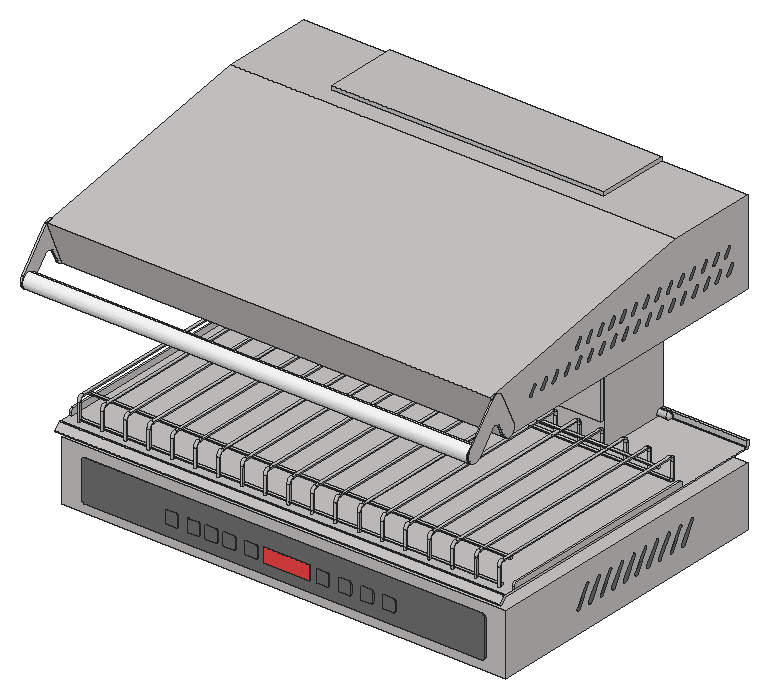
Revit family "QF_GIORIK_ST40", category Specialty Equipment, Revit 2014
Parameters (values of type "ST40")
  Weight in Pounds = 176.3696
  Watts = 6000 W
  Volts = 400 V
  URL Cutsheet = "www.giorik.com"
  URL = "www.giorik.com"
  Status [instance] = ""
  Specification by User [instance] = ""
  Specification by Manufacturer = ""
  Show Logo [instance] = yes
  Show Clearance [instance] = yes
  Serial Number = ""
  Seismic Rating = ""
  SMACNA No = ""
  Revision Code [instance] = ""
  Phase = 3
  Number of Poles [instance] = 3
  NAFEM Spec ID Number = ""
  Model = "ST40"
  Min Ckt Ampacity = 0 A
  Max Overcurrent Protection = 0 A
  Masterspec = ""
  Manufacturer = "GIORIK"
  Item Number [instance] = ""
  Installed By [instance] = ""
  Identify Quantity as Lot [instance] = no
  HP = "8.046120000000"
  Furnished By [instance] = ""
  Foodservice Equipment Identifier [instance] = yes
  FL Amps = 0 A
  Electrical Remarks [instance] = ""
  Electric Connection Type [instance] = ""
  Elec Conn RI Height [instance] = 0 mm
  Elec Conn Connection Height [instance] = 39 mm
  Description = "FAST SALAMANDERS HI-TOUCH"
  Cycle = 50 Hz
  Conn Plug = ""
  CSI MasterFormat = ""
  Assembly Code = "E1090320"
  Apparent Power = 6000 VA
Reference planes
  plane 1 "Back": y = 0
  plane 2: z = 0
  plane 3 "Left": x = 0
  plane 4 "Right": x = 735
  plane 5 "Front": y = -581
  plane 6 "Top": z = 519
Forms (mm)
  Extrusion 1, solid
    sketch origin (0, 0, 0) x (0, 1, 0) y (0, 0, 1)
      loop
        line (0, 116) -> (-500, 116) -> (-500, 16) -> (0, 16) -> (0, 116)
    from 0 to 735
  Extrusion 2, solid
    sketch origin (0, 0, 0) x (0, 1, 0) y (0, 0, 1)
      loop
        line (-510.879, 128.424) -> (-501.718, 137.409) -> (-3, 137.409)
        arc (-3, 137.409) -> (-0.879, 138.288) -> (0, 140.409) r 3
        line (0, 140.409) -> (0, 150.409) -> (-3, 150.409) -> (-3, 141.409)
        arc (-3, 141.409) -> (-3.293, 140.702) -> (-4, 140.409) r 1
        line (-4, 140.409) -> (-501.718, 140.409)
        arc (-501.718, 140.409) -> (-502.852, 140.186) -> (-503.818, 139.551) r 3
        line (-503.818, 139.551) -> (-513, 130.545) -> (-510.879, 128.424)
    from 0 to 735
  Extrusion 3, solid
    sketch origin (0, 0, 1) x (0, 1, 0) y (0, 0, 1)
      loop
        line (-150, 512.02) -> (-531, 444.528) -> (-500, 372.02) -> (0, 372.02) -> (0, 512.02) -> (-150, 512.02)
    from 0 to 735
  Extrusion 4, solid
    sketch origin (0, 0, 0) x (0, 1, 0) y (0, 0, 1)
      loop
        line (-120, 116) -> (0, 116) -> (0, 373.02) -> (-120, 373.02) -> (-120, 116)
    from 141.5 to 593.5
  Extrusion 5, solid
    sketch origin (0, -38, 0) x (0, 1, 0) y (0, 0, 1)
      loop
        line (-491.588, 443.653) -> (-540.006, 386.512)
        arc (-540.006, 386.512) -> (-538.54, 368.783) -> (-520.812, 370.248) r 12.579
        line (-520.812, 370.248) -> (-495.462, 400.166)
        arc (-495.462, 400.166) -> (-486.485, 403.589) -> (-478.751, 397.888) r 10.025
        line (-478.751, 397.888) -> (-470.242, 379.619)
        arc (-470.242, 379.619) -> (-455.833, 374.347) -> (-450.524, 388.743) r 10.863
        line (-450.524, 388.743) -> (-474.877, 441.376)
        arc (-474.877, 441.376) -> (-482.609, 447.09) -> (-491.588, 443.653) r 10.009
    from -3 to 0
  Extrusion 6, solid
    sketch origin (738, -38, 0) x (0, 1, 0) y (0, 0, 1)
      loop
        line (-491.588, 443.653) -> (-540.006, 386.512)
        arc (-540.006, 386.512) -> (-538.54, 368.783) -> (-520.812, 370.248) r 12.579
        line (-520.812, 370.248) -> (-495.462, 400.166)
        arc (-495.462, 400.166) -> (-486.485, 403.589) -> (-478.751, 397.888) r 10.025
        line (-478.751, 397.888) -> (-470.242, 379.619)
        arc (-470.242, 379.619) -> (-455.833, 374.347) -> (-450.524, 388.743) r 10.863
        line (-450.524, 388.743) -> (-474.877, 441.376)
        arc (-474.877, 441.376) -> (-482.609, 447.09) -> (-491.588, 443.653) r 10.009
    from -3 to 0
  Revolve 7, solid
    sketch origin (0, -568.487, 0) x (1, 0, 0) y (0, 0, 1)
      loop
        line (0, 365.88) -> (736.124, 365.88) -> (736.124, 378.38) -> (0, 378.38) -> (0, 365.88)
      axis (0, 378.38) -> (736.124, 378.38)
    angle from 0 to 360
  Revolve 8, solid
    sketch origin (80, -107.054, 0) x (1, 0, 0) y (0, 0, 1)
      loop
        line (62.5, 127.28) -> (62.5, 132.28) -> (40.041, 132.28)
        arc (40.041, 132.28) -> (41.505, 128.744) -> (45.041, 127.28) r 5
        line (45.041, 127.28) -> (62.5, 127.28)
      axis (40.041, 132.28) -> (62.5, 132.28)
    angle from 0 to 360
  Revolve 9, solid
    sketch origin (80, -8.199, 13.32) x (1, 0, 0) y (0, 0, 1)
      loop
        line (62.5, 127.28) -> (62.5, 132.28) -> (40.041, 132.28)
        arc (40.041, 132.28) -> (41.505, 128.744) -> (45.041, 127.28) r 5
        line (45.041, 127.28) -> (62.5, 127.28)
      axis (40.041, 132.28) -> (62.5, 132.28)
    angle from 0 to 360
  Revolve 10, solid
    sketch origin (655, -107.054, 0) x (-1, 0, 0) y (0, 0, -1)
      loop
        line (62.5, -127.28) -> (45.041, -127.28)
        arc (45.041, -127.28) -> (41.505, -128.744) -> (40.041, -132.28) r 5
        line (40.041, -132.28) -> (62.5, -132.28) -> (62.5, -127.28)
      axis (40.041, -132.28) -> (62.5, -132.28)
    angle from 0 to 360
  Revolve 11, solid
    sketch origin (655, -8.199, 13.32) x (-1, 0, 0) y (0, 0, -1)
      loop
        line (62.5, -127.28) -> (45.041, -127.28)
        arc (45.041, -127.28) -> (41.505, -128.744) -> (40.041, -132.28) r 5
        line (40.041, -132.28) -> (62.5, -132.28) -> (62.5, -127.28)
      axis (40.041, -132.28) -> (62.5, -132.28)
    angle from 0 to 360
  Extrusion 12, solid
    sketch origin (0, 0, 1) x (0, 1, 0) y (0, 0, 1)
      loop
        line (0, 512.02) -> (0, 518) -> (-120, 518) -> (-120, 512.02) -> (0, 512.02)
    from 142.5 to 592.5
  Extrusion 13, solid
    sketch origin (0, -52.9, 0) x (1, 0, 0) y (0, 0, 1)
      loop
        arc (35, 35.6) -> (36.464, 32.065) -> (40, 30.6) r 5
        line (40, 30.6) -> (695.564, 30.6)
        arc (695.564, 30.6) -> (699.099, 32.065) -> (700.564, 35.6) r 5
        line (700.564, 35.6) -> (700.564, 94.34)
        arc (700.564, 94.34) -> (699.1, 97.875) -> (695.564, 99.339) r 4.999
        line (695.564, 99.339) -> (39.999, 99.339)
        arc (39.999, 99.339) -> (36.464, 97.875) -> (35, 94.34) r 4.999
        line (35, 94.34) -> (35, 35.6)
    from 446.1 to 448.1
  Extrusion 14, solid
    sketch origin (0, -38, 0) x (0, 1, 0) y (0, 0, 1)
      loop
        line (-491.588, 443.653) -> (-540.006, 386.512)
        arc (-540.006, 386.512) -> (-538.54, 368.783) -> (-520.812, 370.248) r 12.579
        line (-520.812, 370.248) -> (-495.462, 400.166)
        arc (-495.462, 400.166) -> (-486.485, 403.589) -> (-478.751, 397.888) r 10.025
        line (-478.751, 397.888) -> (-470.242, 379.619)
        arc (-470.242, 379.619) -> (-455.833, 374.347) -> (-450.524, 388.743) r 10.863
        line (-450.524, 388.743) -> (-474.877, 441.376)
        arc (-474.877, 441.376) -> (-482.609, 447.09) -> (-491.588, 443.653) r 10.009
    from -3 to 0
  Extrusion 15, solid
    sketch origin (0, 0, 0) x (1, 0, 0) y (0, 0, 1)
      loop
        circle (683, 39) r 12.7
    from 0 to -15
  Extrusion 16, solid
    sketch origin (82.5, -18, 0) x (1, 0, 0) y (0, 0, 1)
      loop
        arc (93.231, 70.003) -> (91.109, 69.124) -> (90.231, 67.003) r 3
        line (90.231, 67.003) -> (90.231, 52.003)
        arc (90.231, 52.003) -> (91.109, 49.881) -> (93.231, 49.003) r 3
        line (93.231, 49.003) -> (108.231, 49.003)
        arc (108.231, 49.003) -> (110.352, 49.881) -> (111.231, 52.003) r 3
        line (111.231, 52.003) -> (111.231, 67.003)
        arc (111.231, 67.003) -> (110.352, 69.124) -> (108.231, 70.003) r 3
        line (108.231, 70.003) -> (93.231, 70.003)
    from 481.1 to 483.1
  Extrusion 17, solid
    sketch origin (118.871, -18, 0) x (1, 0, 0) y (0, 0, 1)
      loop
        arc (93.231, 70.003) -> (91.109, 69.124) -> (90.231, 67.003) r 3
        line (90.231, 67.003) -> (90.231, 52.003)
        arc (90.231, 52.003) -> (91.109, 49.881) -> (93.231, 49.003) r 3
        line (93.231, 49.003) -> (108.231, 49.003)
        arc (108.231, 49.003) -> (110.352, 49.881) -> (111.231, 52.003) r 3
        line (111.231, 52.003) -> (111.231, 67.003)
        arc (111.231, 67.003) -> (110.352, 69.124) -> (108.231, 70.003) r 3
        line (108.231, 70.003) -> (93.231, 70.003)
    from 481.1 to 483.1
  Extrusion 18, solid
    sketch origin (148.029, -18, 0) x (1, 0, 0) y (0, 0, 1)
      loop
        arc (93.231, 70.003) -> (91.109, 69.124) -> (90.231, 67.003) r 3
        line (90.231, 67.003) -> (90.231, 52.003)
        arc (90.231, 52.003) -> (91.109, 49.881) -> (93.231, 49.003) r 3
        line (93.231, 49.003) -> (108.231, 49.003)
        arc (108.231, 49.003) -> (110.352, 49.881) -> (111.231, 52.003) r 3
        line (111.231, 52.003) -> (111.231, 67.003)
        arc (111.231, 67.003) -> (110.352, 69.124) -> (108.231, 70.003) r 3
        line (108.231, 70.003) -> (93.231, 70.003)
    from 481.1 to 483.1
  Extrusion 19, solid
    sketch origin (177.494, -18, 0) x (1, 0, 0) y (0, 0, 1)
      loop
        arc (93.231, 70.003) -> (91.109, 69.124) -> (90.231, 67.003) r 3
        line (90.231, 67.003) -> (90.231, 52.003)
        arc (90.231, 52.003) -> (91.109, 49.881) -> (93.231, 49.003) r 3
        line (93.231, 49.003) -> (108.231, 49.003)
        arc (108.231, 49.003) -> (110.352, 49.881) -> (111.231, 52.003) r 3
        line (111.231, 52.003) -> (111.231, 67.003)
        arc (111.231, 67.003) -> (110.352, 69.124) -> (108.231, 70.003) r 3
        line (108.231, 70.003) -> (93.231, 70.003)
    from 481.1 to 483.1
  Extrusion 20, solid
    sketch origin (214.018, -18, 0) x (1, 0, 0) y (0, 0, 1)
      loop
        arc (93.231, 70.003) -> (91.109, 69.124) -> (90.231, 67.003) r 3
        line (90.231, 67.003) -> (90.231, 52.003)
        arc (90.231, 52.003) -> (91.109, 49.881) -> (93.231, 49.003) r 3
        line (93.231, 49.003) -> (108.231, 49.003)
        arc (108.231, 49.003) -> (110.352, 49.881) -> (111.231, 52.003) r 3
        line (111.231, 52.003) -> (111.231, 67.003)
        arc (111.231, 67.003) -> (110.352, 69.124) -> (108.231, 70.003) r 3
        line (108.231, 70.003) -> (93.231, 70.003)
    from 481.1 to 483.1
  Extrusion 21, solid
    sketch origin (331.989, -18, 0) x (1, 0, 0) y (0, 0, 1)
      loop
        arc (93.231, 70.003) -> (91.109, 69.124) -> (90.231, 67.003) r 3
        line (90.231, 67.003) -> (90.231, 52.003)
        arc (90.231, 52.003) -> (91.109, 49.881) -> (93.231, 49.003) r 3
        line (93.231, 49.003) -> (108.231, 49.003)
        arc (108.231, 49.003) -> (110.352, 49.881) -> (111.231, 52.003) r 3
        line (111.231, 52.003) -> (111.231, 67.003)
        arc (111.231, 67.003) -> (110.352, 69.124) -> (108.231, 70.003) r 3
        line (108.231, 70.003) -> (93.231, 70.003)
    from 481.1 to 483.1
  Extrusion 22, solid
    sketch origin (368.725, -18, 0) x (1, 0, 0) y (0, 0, 1)
      loop
        arc (93.231, 70.003) -> (91.109, 69.124) -> (90.231, 67.003) r 3
        line (90.231, 67.003) -> (90.231, 52.003)
        arc (90.231, 52.003) -> (91.109, 49.881) -> (93.231, 49.003) r 3
        line (93.231, 49.003) -> (108.231, 49.003)
        arc (108.231, 49.003) -> (110.352, 49.881) -> (111.231, 52.003) r 3
        line (111.231, 52.003) -> (111.231, 67.003)
        arc (111.231, 67.003) -> (110.352, 69.124) -> (108.231, 70.003) r 3
        line (108.231, 70.003) -> (93.231, 70.003)
    from 481.1 to 483.1
  Extrusion 23, solid
    sketch origin (405.022, -18, 0) x (1, 0, 0) y (0, 0, 1)
      loop
        arc (93.231, 70.003) -> (91.109, 69.124) -> (90.231, 67.003) r 3
        line (90.231, 67.003) -> (90.231, 52.003)
        arc (90.231, 52.003) -> (91.109, 49.881) -> (93.231, 49.003) r 3
        line (93.231, 49.003) -> (108.231, 49.003)
        arc (108.231, 49.003) -> (110.352, 49.881) -> (111.231, 52.003) r 3
        line (111.231, 52.003) -> (111.231, 67.003)
        arc (111.231, 67.003) -> (110.352, 69.124) -> (108.231, 70.003) r 3
        line (108.231, 70.003) -> (93.231, 70.003)
    from 481.1 to 483.1
  Extrusion 24, solid
    sketch origin (441.51, -18, 0) x (1, 0, 0) y (0, 0, 1)
      loop
        arc (93.231, 70.003) -> (91.109, 69.124) -> (90.231, 67.003) r 3
        line (90.231, 67.003) -> (90.231, 52.003)
        arc (90.231, 52.003) -> (91.109, 49.881) -> (93.231, 49.003) r 3
        line (93.231, 49.003) -> (108.231, 49.003)
        arc (108.231, 49.003) -> (110.352, 49.881) -> (111.231, 52.003) r 3
        line (111.231, 52.003) -> (111.231, 67.003)
        arc (111.231, 67.003) -> (110.352, 69.124) -> (108.231, 70.003) r 3
        line (108.231, 70.003) -> (93.231, 70.003)
    from 481.1 to 483.1
  Extrusion 25, solid
    sketch origin (82.5, -18, 0) x (1, 0, 0) y (0, 0, 1)
      loop
        line (253.527, 71.715) -> (253.527, 47.436) -> (328.477, 47.436) -> (328.477, 71.715) -> (253.527, 71.715)
    from 481.1 to 483.1
  Extrusion 26, solid
    sketch origin (0, 9.044, 0) x (1, 0, 0) y (0, 0, 1)
      loop
        line (145, 242.977) -> (145, 179.977) -> (590, 179.977) -> (590, 242.977) -> (145, 242.977)
    from 129.044 to 132.144
  Extrusion 27, solid
    sketch origin (735, 1.945, 0.958) x (0, 1, 0) y (0, 0, -1)
      loop
        arc (-122.233, -83.563) -> (-118.14, -84.682) -> (-117.021, -80.589) r 3
        line (-117.021, -80.589) -> (-133.772, -51.235)
        arc (-133.772, -51.235) -> (-137.865, -50.116) -> (-138.983, -54.209) r 3
        line (-138.983, -54.209) -> (-122.233, -83.563)
      loop
        arc (-145.943, -83.563) -> (-141.85, -84.682) -> (-140.732, -80.589) r 3
        line (-140.732, -80.589) -> (-157.482, -51.235)
        arc (-157.482, -51.235) -> (-161.575, -50.116) -> (-162.693, -54.209) r 3
        line (-162.693, -54.209) -> (-145.943, -83.563)
      loop
        arc (-170.249, -83.563) -> (-166.156, -84.682) -> (-165.037, -80.589) r 3
        line (-165.037, -80.589) -> (-181.788, -51.235)
        arc (-181.788, -51.235) -> (-185.881, -50.116) -> (-186.999, -54.209) r 3
        line (-186.999, -54.209) -> (-170.249, -83.563)
      loop
        arc (-194.226, -83.563) -> (-190.133, -84.682) -> (-189.015, -80.589) r 3
        line (-189.015, -80.589) -> (-205.765, -51.235)
        arc (-205.765, -51.235) -> (-209.858, -50.116) -> (-210.977, -54.209) r 3
        line (-210.977, -54.209) -> (-194.226, -83.563)
      loop
        arc (-218.413, -83.563) -> (-214.32, -84.682) -> (-213.201, -80.589) r 3
        line (-213.201, -80.589) -> (-229.952, -51.235)
        arc (-229.952, -51.235) -> (-234.045, -50.116) -> (-235.163, -54.209) r 3
        line (-235.163, -54.209) -> (-218.413, -83.563)
      loop
        arc (-242.123, -83.563) -> (-238.03, -84.682) -> (-236.912, -80.589) r 3
        line (-236.912, -80.589) -> (-253.662, -51.235)
        arc (-253.662, -51.235) -> (-257.755, -50.116) -> (-258.873, -54.209) r 3
        line (-258.873, -54.209) -> (-242.123, -83.563)
      loop
        arc (-266.429, -83.563) -> (-262.336, -84.682) -> (-261.218, -80.589) r 3
        line (-261.218, -80.589) -> (-277.968, -51.235)
        arc (-277.968, -51.235) -> (-282.061, -50.116) -> (-283.179, -54.209) r 3
        line (-283.179, -54.209) -> (-266.429, -83.563)
      loop
        arc (-290.548, -83.563) -> (-286.456, -84.682) -> (-285.337, -80.589) r 3
        line (-285.337, -80.589) -> (-302.088, -51.235)
        arc (-302.088, -51.235) -> (-306.18, -50.116) -> (-307.299, -54.209) r 3
        line (-307.299, -54.209) -> (-290.548, -83.563)
      loop
        arc (-314.497, -83.563) -> (-310.404, -84.682) -> (-309.285, -80.589) r 3
        line (-309.285, -80.589) -> (-326.036, -51.235)
        arc (-326.036, -51.235) -> (-330.129, -50.116) -> (-331.247, -54.209) r 3
        line (-331.247, -54.209) -> (-314.497, -83.563)
      loop
        arc (-338.088, -83.563) -> (-333.995, -84.682) -> (-332.876, -80.589) r 3
        line (-332.876, -80.589) -> (-349.627, -51.235)
        arc (-349.627, -51.235) -> (-353.72, -50.116) -> (-354.838, -54.209) r 3
        line (-354.838, -54.209) -> (-338.088, -83.563)
    from -0.1 to 2.047
  Extrusion 28, solid
    sketch origin (-0.103, 15.987, -1.081) x (0, 1, 0) y (0, 0, 1)
      loop
        line (-367.103, 412.901) -> (-361.099, 423.422)
        arc (-361.099, 423.422) -> (-362.218, 427.515) -> (-366.31, 426.396) r 3
        line (-366.31, 426.396) -> (-372.314, 415.875)
        arc (-372.314, 415.875) -> (-371.195, 411.782) -> (-367.103, 412.901) r 3
      loop
        line (-390.682, 412.901) -> (-384.678, 423.422)
        arc (-384.678, 423.422) -> (-385.797, 427.515) -> (-389.89, 426.396) r 3
        line (-389.89, 426.396) -> (-395.893, 415.875)
        arc (-395.893, 415.875) -> (-394.775, 411.782) -> (-390.682, 412.901) r 3
      loop
        line (-415.44, 412.901) -> (-409.437, 423.422)
        arc (-409.437, 423.422) -> (-410.555, 427.515) -> (-414.648, 426.396) r 3
        line (-414.648, 426.396) -> (-420.652, 415.875)
        arc (-420.652, 415.875) -> (-419.533, 411.782) -> (-415.44, 412.901) r 3
      loop
        line (-438.823, 412.901) -> (-432.819, 423.422)
        arc (-432.819, 423.422) -> (-433.938, 427.515) -> (-438.031, 426.396) r 3
        line (-438.031, 426.396) -> (-444.034, 415.875)
        arc (-444.034, 415.875) -> (-442.916, 411.782) -> (-438.823, 412.901) r 3
      loop
        line (-54.819, 412.901) -> (-48.816, 423.422)
        arc (-48.816, 423.422) -> (-49.934, 427.515) -> (-54.027, 426.396) r 3
        line (-54.027, 426.396) -> (-60.036, 415.866)
        arc (-60.036, 415.866) -> (-58.907, 411.78) -> (-54.819, 412.901) r 3
      loop
        line (-78.988, 412.901) -> (-72.984, 423.422)
        arc (-72.984, 423.422) -> (-74.103, 427.515) -> (-78.196, 426.396) r 3
        line (-78.196, 426.396) -> (-84.204, 415.866)
        arc (-84.204, 415.866) -> (-83.076, 411.78) -> (-78.988, 412.901) r 3
      loop
        line (-102.764, 412.901) -> (-96.76, 423.422)
        arc (-96.76, 423.422) -> (-97.879, 427.515) -> (-101.971, 426.396) r 3
        line (-101.971, 426.396) -> (-107.98, 415.866)
        arc (-107.98, 415.866) -> (-106.852, 411.78) -> (-102.764, 412.901) r 3
      loop
        line (-126.54, 412.901) -> (-120.536, 423.422)
        arc (-120.536, 423.422) -> (-121.655, 427.515) -> (-125.747, 426.396) r 3
        line (-125.747, 426.396) -> (-131.756, 415.866)
        arc (-131.756, 415.866) -> (-130.628, 411.78) -> (-126.54, 412.901) r 3
      loop
        line (-150.709, 412.901) -> (-144.705, 423.422)
        arc (-144.705, 423.422) -> (-145.824, 427.515) -> (-149.916, 426.396) r 3
        line (-149.916, 426.396) -> (-155.925, 415.866)
        arc (-155.925, 415.866) -> (-154.797, 411.78) -> (-150.709, 412.901) r 3
      loop
        line (-174.931, 412.901) -> (-168.927, 423.422)
        arc (-168.927, 423.422) -> (-170.046, 427.515) -> (-174.139, 426.396) r 3
        line (-174.139, 426.396) -> (-180.142, 415.875)
        arc (-180.142, 415.875) -> (-179.024, 411.782) -> (-174.931, 412.901) r 3
      loop
        line (-198.904, 412.901) -> (-192.9, 423.422)
        arc (-192.9, 423.422) -> (-194.019, 427.515) -> (-198.111, 426.396) r 3
        line (-198.111, 426.396) -> (-204.115, 415.875)
        arc (-204.115, 415.875) -> (-202.996, 411.782) -> (-198.904, 412.901) r 3
      loop
        line (-222.876, 412.901) -> (-216.872, 423.422)
        arc (-216.872, 423.422) -> (-217.991, 427.515) -> (-222.083, 426.396) r 3
        line (-222.083, 426.396) -> (-228.087, 415.875)
        arc (-228.087, 415.875) -> (-226.968, 411.782) -> (-222.876, 412.901) r 3
      loop
        line (-246.652, 412.901) -> (-240.648, 423.422)
        arc (-240.648, 423.422) -> (-241.767, 427.515) -> (-245.859, 426.396) r 3
        line (-245.859, 426.396) -> (-251.863, 415.875)
        arc (-251.863, 415.875) -> (-250.744, 411.782) -> (-246.652, 412.901) r 3
      loop
        line (-270.821, 412.901) -> (-264.817, 423.422)
        arc (-264.817, 423.422) -> (-265.935, 427.515) -> (-270.028, 426.396) r 3
        line (-270.028, 426.396) -> (-276.032, 415.875)
        arc (-276.032, 415.875) -> (-274.913, 411.782) -> (-270.821, 412.901) r 3
      loop
        line (-294.793, 412.901) -> (-288.789, 423.422)
        arc (-288.789, 423.422) -> (-289.908, 427.515) -> (-294, 426.396) r 3
        line (-294, 426.396) -> (-300.004, 415.875)
        arc (-300.004, 415.875) -> (-298.885, 411.782) -> (-294.793, 412.901) r 3
      loop
        line (-318.765, 412.901) -> (-312.761, 423.422)
        arc (-312.761, 423.422) -> (-313.88, 427.515) -> (-317.973, 426.396) r 3
        line (-317.973, 426.396) -> (-323.976, 415.875)
        arc (-323.976, 415.875) -> (-322.858, 411.782) -> (-318.765, 412.901) r 3
      loop
        line (-342.934, 412.901) -> (-336.93, 423.422)
        arc (-336.93, 423.422) -> (-338.049, 427.515) -> (-342.141, 426.396) r 3
        line (-342.141, 426.396) -> (-348.145, 415.875)
        arc (-348.145, 415.875) -> (-347.026, 411.782) -> (-342.934, 412.901) r 3
      loop
        line (-462.23, 412.901) -> (-456.226, 423.422)
        arc (-456.226, 423.422) -> (-457.345, 427.515) -> (-461.437, 426.396) r 3
        line (-461.437, 426.396) -> (-467.441, 415.875)
        arc (-467.441, 415.875) -> (-466.323, 411.782) -> (-462.23, 412.901) r 3
      loop
        line (-59.93, 441.379) -> (-53.926, 451.9)
        arc (-53.926, 451.9) -> (-55.045, 455.993) -> (-59.137, 454.874) r 3
        line (-59.137, 454.874) -> (-65.141, 444.353)
        arc (-65.141, 444.353) -> (-64.023, 440.26) -> (-59.93, 441.379) r 3
      loop
        line (-83.706, 441.379) -> (-77.702, 451.9)
        arc (-77.702, 451.9) -> (-78.821, 455.993) -> (-82.913, 454.874) r 3
        line (-82.913, 454.874) -> (-88.917, 444.353)
        arc (-88.917, 444.353) -> (-87.798, 440.26) -> (-83.706, 441.379) r 3
      loop
        line (-107.678, 441.379) -> (-101.674, 451.9)
        arc (-101.674, 451.9) -> (-102.793, 455.993) -> (-106.886, 454.874) r 3
        line (-106.886, 454.874) -> (-112.889, 444.353)
        arc (-112.889, 444.353) -> (-111.771, 440.26) -> (-107.678, 441.379) r 3
      loop
        line (-132.043, 441.379) -> (-126.04, 451.9)
        arc (-126.04, 451.9) -> (-127.158, 455.993) -> (-131.251, 454.874) r 3
        line (-131.251, 454.874) -> (-137.255, 444.353)
        arc (-137.255, 444.353) -> (-136.136, 440.26) -> (-132.043, 441.379) r 3
      loop
        line (-156.212, 441.379) -> (-150.209, 451.9)
        arc (-150.209, 451.9) -> (-151.327, 455.993) -> (-155.42, 454.874) r 3
        line (-155.42, 454.874) -> (-161.424, 444.353)
        arc (-161.424, 444.353) -> (-160.305, 440.26) -> (-156.212, 441.379) r 3
      loop
        line (-179.792, 441.379) -> (-173.788, 451.9)
        arc (-173.788, 451.9) -> (-174.907, 455.993) -> (-178.999, 454.874) r 3
        line (-178.999, 454.874) -> (-185.003, 444.353)
        arc (-185.003, 444.353) -> (-183.884, 440.26) -> (-179.792, 441.379) r 3
      loop
        line (-204.014, 441.379) -> (-198.011, 451.9)
        arc (-198.011, 451.9) -> (-199.129, 455.993) -> (-203.222, 454.874) r 3
        line (-203.222, 454.874) -> (-209.226, 444.353)
        arc (-209.226, 444.353) -> (-208.107, 440.26) -> (-204.014, 441.379) r 3
      loop
        line (-227.987, 441.379) -> (-221.983, 451.9)
        arc (-221.983, 451.9) -> (-223.102, 455.993) -> (-227.194, 454.874) r 3
        line (-227.194, 454.874) -> (-233.198, 444.353)
        arc (-233.198, 444.353) -> (-232.079, 440.26) -> (-227.987, 441.379) r 3
      loop
        line (-252.155, 441.379) -> (-246.152, 451.9)
        arc (-246.152, 451.9) -> (-247.27, 455.993) -> (-251.363, 454.874) r 3
        line (-251.363, 454.874) -> (-257.367, 444.353)
        arc (-257.367, 444.353) -> (-256.248, 440.26) -> (-252.155, 441.379) r 3
      loop
        line (-275.735, 441.379) -> (-269.731, 451.9)
        arc (-269.731, 451.9) -> (-270.85, 455.993) -> (-274.942, 454.874) r 3
        line (-274.942, 454.874) -> (-280.946, 444.353)
        arc (-280.946, 444.353) -> (-279.827, 440.26) -> (-275.735, 441.379) r 3
      loop
        line (-298.749, 441.379) -> (-292.745, 451.9)
        arc (-292.745, 451.9) -> (-293.864, 455.993) -> (-297.956, 454.874) r 3
        line (-297.956, 454.874) -> (-303.96, 444.353)
        arc (-303.96, 444.353) -> (-302.841, 440.26) -> (-298.749, 441.379) r 3
      loop
        line (-321.735, 441.379) -> (-315.731, 451.9)
        arc (-315.731, 451.9) -> (-316.85, 455.993) -> (-320.942, 454.874) r 3
        line (-320.942, 454.874) -> (-326.946, 444.353)
        arc (-326.946, 444.353) -> (-325.827, 440.26) -> (-321.735, 441.379) r 3
      loop
        line (-344.749, 441.379) -> (-338.745, 451.9)
        arc (-338.745, 451.9) -> (-339.864, 455.993) -> (-343.956, 454.874) r 3
        line (-343.956, 454.874) -> (-349.96, 444.353)
        arc (-349.96, 444.353) -> (-348.841, 440.26) -> (-344.749, 441.379) r 3
      loop
        line (-367.749, 441.379) -> (-361.745, 451.9)
        arc (-361.745, 451.9) -> (-362.864, 455.993) -> (-366.956, 454.874) r 3
        line (-366.956, 454.874) -> (-372.96, 444.353)
        arc (-372.96, 444.353) -> (-371.841, 440.26) -> (-367.749, 441.379) r 3
    from 0 to 2.101
  Extrusion 29, solid
    sketch origin (0, 1.945, 0.958) x (0, 1, 0) y (0, 0, 1)
      loop
        line (-122.233, 83.563) -> (-138.983, 54.209)
        arc (-138.983, 54.209) -> (-137.865, 50.116) -> (-133.772, 51.235) r 3
        line (-133.772, 51.235) -> (-117.021, 80.589)
        arc (-117.021, 80.589) -> (-118.14, 84.682) -> (-122.233, 83.563) r 3
      loop
        line (-145.943, 83.563) -> (-162.693, 54.209)
        arc (-162.693, 54.209) -> (-161.575, 50.116) -> (-157.482, 51.235) r 3
        line (-157.482, 51.235) -> (-140.732, 80.589)
        arc (-140.732, 80.589) -> (-141.85, 84.682) -> (-145.943, 83.563) r 3
      loop
        line (-170.249, 83.563) -> (-186.999, 54.209)
        arc (-186.999, 54.209) -> (-185.881, 50.116) -> (-181.788, 51.235) r 3
        line (-181.788, 51.235) -> (-165.037, 80.589)
        arc (-165.037, 80.589) -> (-166.156, 84.682) -> (-170.249, 83.563) r 3
      loop
        line (-194.226, 83.563) -> (-210.977, 54.209)
        arc (-210.977, 54.209) -> (-209.858, 50.116) -> (-205.765, 51.235) r 3
        line (-205.765, 51.235) -> (-189.015, 80.589)
        arc (-189.015, 80.589) -> (-190.133, 84.682) -> (-194.226, 83.563) r 3
      loop
        line (-218.413, 83.563) -> (-235.163, 54.209)
        arc (-235.163, 54.209) -> (-234.045, 50.116) -> (-229.952, 51.235) r 3
        line (-229.952, 51.235) -> (-213.201, 80.589)
        arc (-213.201, 80.589) -> (-214.32, 84.682) -> (-218.413, 83.563) r 3
      loop
        line (-242.123, 83.563) -> (-258.873, 54.209)
        arc (-258.873, 54.209) -> (-257.755, 50.116) -> (-253.662, 51.235) r 3
        line (-253.662, 51.235) -> (-236.912, 80.589)
        arc (-236.912, 80.589) -> (-238.03, 84.682) -> (-242.123, 83.563) r 3
      loop
        line (-266.429, 83.563) -> (-283.179, 54.209)
        arc (-283.179, 54.209) -> (-282.061, 50.116) -> (-277.968, 51.235) r 3
        line (-277.968, 51.235) -> (-261.218, 80.589)
        arc (-261.218, 80.589) -> (-262.336, 84.682) -> (-266.429, 83.563) r 3
      loop
        line (-290.548, 83.563) -> (-307.299, 54.209)
        arc (-307.299, 54.209) -> (-306.18, 50.116) -> (-302.088, 51.235) r 3
        line (-302.088, 51.235) -> (-285.337, 80.589)
        arc (-285.337, 80.589) -> (-286.456, 84.682) -> (-290.548, 83.563) r 3
      loop
        line (-314.497, 83.563) -> (-331.247, 54.209)
        arc (-331.247, 54.209) -> (-330.129, 50.116) -> (-326.036, 51.235) r 3
        line (-326.036, 51.235) -> (-309.285, 80.589)
        arc (-309.285, 80.589) -> (-310.404, 84.682) -> (-314.497, 83.563) r 3
      loop
        line (-338.088, 83.563) -> (-354.838, 54.209)
        arc (-354.838, 54.209) -> (-353.72, 50.116) -> (-349.627, 51.235) r 3
        line (-349.627, 51.235) -> (-332.876, 80.589)
        arc (-332.876, 80.589) -> (-333.995, 84.682) -> (-338.088, 83.563) r 3
    from -0.1 to 2.047
  Extrusion 30, solid
    sketch origin (735.103, 15.987, -1.081) x (0, 1, 0) y (0, 0, -1)
      loop
        arc (-367.103, -412.901) -> (-371.195, -411.782) -> (-372.314, -415.875) r 3
        line (-372.314, -415.875) -> (-366.31, -426.396)
        arc (-366.31, -426.396) -> (-362.218, -427.515) -> (-361.099, -423.422) r 3
        line (-361.099, -423.422) -> (-367.103, -412.901)
      loop
        arc (-390.682, -412.901) -> (-394.775, -411.782) -> (-395.893, -415.875) r 3
        line (-395.893, -415.875) -> (-389.89, -426.396)
        arc (-389.89, -426.396) -> (-385.797, -427.515) -> (-384.678, -423.422) r 3
        line (-384.678, -423.422) -> (-390.682, -412.901)
      loop
        arc (-415.44, -412.901) -> (-419.533, -411.782) -> (-420.652, -415.875) r 3
        line (-420.652, -415.875) -> (-414.648, -426.396)
        arc (-414.648, -426.396) -> (-410.555, -427.515) -> (-409.437, -423.422) r 3
        line (-409.437, -423.422) -> (-415.44, -412.901)
      loop
        arc (-438.823, -412.901) -> (-442.916, -411.782) -> (-444.034, -415.875) r 3
        line (-444.034, -415.875) -> (-438.031, -426.396)
        arc (-438.031, -426.396) -> (-433.938, -427.515) -> (-432.819, -423.422) r 3
        line (-432.819, -423.422) -> (-438.823, -412.901)
      loop
        arc (-54.819, -412.901) -> (-58.907, -411.78) -> (-60.036, -415.866) r 3
        line (-60.036, -415.866) -> (-54.027, -426.396)
        arc (-54.027, -426.396) -> (-49.934, -427.515) -> (-48.816, -423.422) r 3
        line (-48.816, -423.422) -> (-54.819, -412.901)
      loop
        arc (-78.988, -412.901) -> (-83.076, -411.78) -> (-84.204, -415.866) r 3
        line (-84.204, -415.866) -> (-78.196, -426.396)
        arc (-78.196, -426.396) -> (-74.103, -427.515) -> (-72.984, -423.422) r 3
        line (-72.984, -423.422) -> (-78.988, -412.901)
      loop
        arc (-102.764, -412.901) -> (-106.852, -411.78) -> (-107.98, -415.866) r 3
        line (-107.98, -415.866) -> (-101.971, -426.396)
        arc (-101.971, -426.396) -> (-97.879, -427.515) -> (-96.76, -423.422) r 3
        line (-96.76, -423.422) -> (-102.764, -412.901)
      loop
        arc (-126.54, -412.901) -> (-130.628, -411.78) -> (-131.756, -415.866) r 3
        line (-131.756, -415.866) -> (-125.747, -426.396)
        arc (-125.747, -426.396) -> (-121.655, -427.515) -> (-120.536, -423.422) r 3
        line (-120.536, -423.422) -> (-126.54, -412.901)
      loop
        arc (-150.709, -412.901) -> (-154.797, -411.78) -> (-155.925, -415.866) r 3
        line (-155.925, -415.866) -> (-149.916, -426.396)
        arc (-149.916, -426.396) -> (-145.824, -427.515) -> (-144.705, -423.422) r 3
        line (-144.705, -423.422) -> (-150.709, -412.901)
      loop
        arc (-174.931, -412.901) -> (-179.024, -411.782) -> (-180.142, -415.875) r 3
        line (-180.142, -415.875) -> (-174.139, -426.396)
        arc (-174.139, -426.396) -> (-170.046, -427.515) -> (-168.927, -423.422) r 3
        line (-168.927, -423.422) -> (-174.931, -412.901)
      loop
        arc (-198.904, -412.901) -> (-202.996, -411.782) -> (-204.115, -415.875) r 3
        line (-204.115, -415.875) -> (-198.111, -426.396)
        arc (-198.111, -426.396) -> (-194.019, -427.515) -> (-192.9, -423.422) r 3
        line (-192.9, -423.422) -> (-198.904, -412.901)
      loop
        arc (-222.876, -412.901) -> (-226.968, -411.782) -> (-228.087, -415.875) r 3
        line (-228.087, -415.875) -> (-222.083, -426.396)
        arc (-222.083, -426.396) -> (-217.991, -427.515) -> (-216.872, -423.422) r 3
        line (-216.872, -423.422) -> (-222.876, -412.901)
      loop
        arc (-246.652, -412.901) -> (-250.744, -411.782) -> (-251.863, -415.875) r 3
        line (-251.863, -415.875) -> (-245.859, -426.396)
        arc (-245.859, -426.396) -> (-241.767, -427.515) -> (-240.648, -423.422) r 3
        line (-240.648, -423.422) -> (-246.652, -412.901)
      loop
        arc (-270.821, -412.901) -> (-274.913, -411.782) -> (-276.032, -415.875) r 3
        line (-276.032, -415.875) -> (-270.028, -426.396)
        arc (-270.028, -426.396) -> (-265.935, -427.515) -> (-264.817, -423.422) r 3
        line (-264.817, -423.422) -> (-270.821, -412.901)
      loop
        arc (-294.793, -412.901) -> (-298.885, -411.782) -> (-300.004, -415.875) r 3
        line (-300.004, -415.875) -> (-294, -426.396)
        arc (-294, -426.396) -> (-289.908, -427.515) -> (-288.789, -423.422) r 3
        line (-288.789, -423.422) -> (-294.793, -412.901)
      loop
        arc (-318.765, -412.901) -> (-322.858, -411.782) -> (-323.976, -415.875) r 3
        line (-323.976, -415.875) -> (-317.973, -426.396)
        arc (-317.973, -426.396) -> (-313.88, -427.515) -> (-312.761, -423.422) r 3
        line (-312.761, -423.422) -> (-318.765, -412.901)
      loop
        arc (-342.934, -412.901) -> (-347.026, -411.782) -> (-348.145, -415.875) r 3
        line (-348.145, -415.875) -> (-342.141, -426.396)
        arc (-342.141, -426.396) -> (-338.049, -427.515) -> (-336.93, -423.422) r 3
        line (-336.93, -423.422) -> (-342.934, -412.901)
      loop
        arc (-462.23, -412.901) -> (-466.323, -411.782) -> (-467.441, -415.875) r 3
        line (-467.441, -415.875) -> (-461.437, -426.396)
        arc (-461.437, -426.396) -> (-457.345, -427.515) -> (-456.226, -423.422) r 3
        line (-456.226, -423.422) -> (-462.23, -412.901)
      loop
        arc (-59.93, -441.379) -> (-64.023, -440.26) -> (-65.141, -444.353) r 3
        line (-65.141, -444.353) -> (-59.137, -454.874)
        arc (-59.137, -454.874) -> (-55.045, -455.993) -> (-53.926, -451.9) r 3
        line (-53.926, -451.9) -> (-59.93, -441.379)
      loop
        arc (-83.706, -441.379) -> (-87.798, -440.26) -> (-88.917, -444.353) r 3
        line (-88.917, -444.353) -> (-82.913, -454.874)
        arc (-82.913, -454.874) -> (-78.821, -455.993) -> (-77.702, -451.9) r 3
        line (-77.702, -451.9) -> (-83.706, -441.379)
      loop
        arc (-107.678, -441.379) -> (-111.771, -440.26) -> (-112.889, -444.353) r 3
        line (-112.889, -444.353) -> (-106.886, -454.874)
        arc (-106.886, -454.874) -> (-102.793, -455.993) -> (-101.674, -451.9) r 3
        line (-101.674, -451.9) -> (-107.678, -441.379)
      loop
        arc (-132.043, -441.379) -> (-136.136, -440.26) -> (-137.255, -444.353) r 3
        line (-137.255, -444.353) -> (-131.251, -454.874)
        arc (-131.251, -454.874) -> (-127.158, -455.993) -> (-126.04, -451.9) r 3
        line (-126.04, -451.9) -> (-132.043, -441.379)
      loop
        arc (-156.212, -441.379) -> (-160.305, -440.26) -> (-161.424, -444.353) r 3
        line (-161.424, -444.353) -> (-155.42, -454.874)
        arc (-155.42, -454.874) -> (-151.327, -455.993) -> (-150.209, -451.9) r 3
        line (-150.209, -451.9) -> (-156.212, -441.379)
      loop
        arc (-179.792, -441.379) -> (-183.884, -440.26) -> (-185.003, -444.353) r 3
        line (-185.003, -444.353) -> (-178.999, -454.874)
        arc (-178.999, -454.874) -> (-174.907, -455.993) -> (-173.788, -451.9) r 3
        line (-173.788, -451.9) -> (-179.792, -441.379)
      loop
        arc (-204.014, -441.379) -> (-208.107, -440.26) -> (-209.226, -444.353) r 3
        line (-209.226, -444.353) -> (-203.222, -454.874)
        arc (-203.222, -454.874) -> (-199.129, -455.993) -> (-198.011, -451.9) r 3
        line (-198.011, -451.9) -> (-204.014, -441.379)
      loop
        arc (-227.987, -441.379) -> (-232.079, -440.26) -> (-233.198, -444.353) r 3
        line (-233.198, -444.353) -> (-227.194, -454.874)
        arc (-227.194, -454.874) -> (-223.102, -455.993) -> (-221.983, -451.9) r 3
        line (-221.983, -451.9) -> (-227.987, -441.379)
      loop
        arc (-252.155, -441.379) -> (-256.248, -440.26) -> (-257.367, -444.353) r 3
        line (-257.367, -444.353) -> (-251.363, -454.874)
        arc (-251.363, -454.874) -> (-247.27, -455.993) -> (-246.152, -451.9) r 3
        line (-246.152, -451.9) -> (-252.155, -441.379)
      loop
        arc (-275.735, -441.379) -> (-279.827, -440.26) -> (-280.946, -444.353) r 3
        line (-280.946, -444.353) -> (-274.942, -454.874)
        arc (-274.942, -454.874) -> (-270.85, -455.993) -> (-269.731, -451.9) r 3
        line (-269.731, -451.9) -> (-275.735, -441.379)
      loop
        arc (-298.749, -441.379) -> (-302.841, -440.26) -> (-303.96, -444.353) r 3
        line (-303.96, -444.353) -> (-297.956, -454.874)
        arc (-297.956, -454.874) -> (-293.864, -455.993) -> (-292.745, -451.9) r 3
        line (-292.745, -451.9) -> (-298.749, -441.379)
      loop
        arc (-321.735, -441.379) -> (-325.827, -440.26) -> (-326.946, -444.353) r 3
        line (-326.946, -444.353) -> (-320.942, -454.874)
        arc (-320.942, -454.874) -> (-316.85, -455.993) -> (-315.731, -451.9) r 3
        line (-315.731, -451.9) -> (-321.735, -441.379)
      loop
        arc (-344.749, -441.379) -> (-348.841, -440.26) -> (-349.96, -444.353) r 3
        line (-349.96, -444.353) -> (-343.956, -454.874)
        arc (-343.956, -454.874) -> (-339.864, -455.993) -> (-338.745, -451.9) r 3
        line (-338.745, -451.9) -> (-344.749, -441.379)
      loop
        arc (-367.749, -441.379) -> (-371.841, -440.26) -> (-372.96, -444.353) r 3
        line (-372.96, -444.353) -> (-366.956, -454.874)
        arc (-366.956, -454.874) -> (-362.864, -455.993) -> (-361.745, -451.9) r 3
        line (-361.745, -451.9) -> (-367.749, -441.379)
    from 0 to 2.101
  Extrusion 31, solid
    sketch origin (550.603, -360.607, -34) x (0, 1, 0) y (-1, 0, 0)
      loop
        circle (-79.293, 516.603) r 5
    from 43.286 to 50
  Revolve 32, solid
    sketch origin (34, -355.957, -604) x (0, 1, 0) y (0, 0, 1)
      loop
        line (-83.943, 613.286) -> (-94.4, 613.286) -> (-96.887, 603.957) -> (-83.943, 603.957) -> (-83.943, 613.286)
      axis (-83.943, 613.286) -> (-83.943, 603.957)
    angle from 0 to 360
  Extrusion 33, solid
    sketch origin (184.397, -360.607, -34) x (0, 1, 0) y (-1, 0, 0)
      loop
        circle (-79.293, -516.603) r 5
    from 43.286 to 50
  Revolve 34, solid
    sketch origin (701, -355.957, -604) x (0, 1, 0) y (0, 0, -1)
      loop
        line (-83.943, -613.286) -> (-83.943, -603.957) -> (-96.887, -603.957) -> (-94.4, -613.286) -> (-83.943, -613.286)
      axis (-83.943, -613.286) -> (-83.943, -603.957)
    angle from 0 to 360
  Extrusion 35, solid
    sketch origin (550.603, 45.293, -34) x (0, 1, 0) y (-1, 0, 0)
      loop
        circle (-79.293, 516.603) r 5
    from 43.286 to 50
  Revolve 36, solid
    sketch origin (34, 49.943, -604) x (0, 1, 0) y (0, 0, 1)
      loop
        line (-83.943, 613.286) -> (-94.4, 613.286) -> (-96.887, 603.957) -> (-83.943, 603.957) -> (-83.943, 613.286)
      axis (-83.943, 613.286) -> (-83.943, 603.957)
    angle from 0 to 360
  Extrusion 37, solid
    sketch origin (184.397, 45.293, -34) x (0, 1, 0) y (-1, 0, 0)
      loop
        circle (-79.293, -516.603) r 5
    from 43.286 to 50
  Revolve 38, solid
    sketch origin (701, 49.943, -604) x (0, 1, 0) y (0, 0, -1)
      loop
        line (-83.943, -613.286) -> (-83.943, -603.957) -> (-96.887, -603.957) -> (-94.4, -613.286) -> (-83.943, -613.286)
      axis (-83.943, -613.286) -> (-83.943, -603.957)
    angle from 0 to 360
  Extrusion 39, solid
    sketch origin (0, -0.003, 0) x (0, 1, 0) y (0, 0, 1)
      loop
        arc (-477.408, 149.627) -> (-480.944, 148.162) -> (-482.408, 144.627) r 5
        line (-482.408, 144.627) -> (-482.408, 140.409) -> (-136.497, 140.409) -> (-136.497, 144.627)
        arc (-136.497, 144.627) -> (-137.962, 148.162) -> (-141.497, 149.627) r 5
        line (-141.497, 149.627) -> (-477.408, 149.627)
    from 0 to 3
  Extrusion 40, solid
    sketch origin (732, -0.003, 0) x (0, 1, 0) y (0, 0, 1)
      loop
        arc (-477.408, 149.627) -> (-480.944, 148.162) -> (-482.408, 144.627) r 5
        line (-482.408, 144.627) -> (-482.408, 140.409) -> (-136.497, 140.409) -> (-136.497, 144.627)
        arc (-136.497, 144.627) -> (-137.962, 148.162) -> (-141.497, 149.627) r 5
        line (-141.497, 149.627) -> (-477.408, 149.627)
    from 0 to 3
  Sweep 41, solid
    path origin (19.8, -0.003, 0) x (0, 1, 0) y (0, 0, 1)
      loop
        line (-132.497, 140.409) -> (-132.497, 170.63)
        arc (-132.497, 170.63) -> (-133.668, 173.457) -> (-136.495, 174.628) r 3.998
        line (-136.495, 174.628) -> (-482.401, 174.628)
        arc (-482.401, 174.628) -> (-485.228, 173.457) -> (-486.399, 170.63) r 3.998
        line (-486.399, 170.63) -> (-486.399, 140.409)
    profile origin (19.8, -132.5, 155.52) x (0, -1, 0) y (1, 0, 0)
      loop
        circle (-2, 0) r 2
  Sweep 42, solid
    path origin (58.4, -0.003, 0) x (0, 1, 0) y (0, 0, 1)
      loop
        line (-132.497, 140.409) -> (-132.497, 170.63)
        arc (-132.497, 170.63) -> (-133.668, 173.457) -> (-136.495, 174.628) r 3.998
        line (-136.495, 174.628) -> (-482.401, 174.628)
        arc (-482.401, 174.628) -> (-485.228, 173.457) -> (-486.399, 170.63) r 3.998
        line (-486.399, 170.63) -> (-486.399, 140.409)
    profile origin (58.4, -132.5, 155.52) x (0, -1, 0) y (1, 0, 0)
      loop
        circle (-2, 0) r 2
  Sweep 43, solid
    path origin (97, -0.003, 0) x (0, 1, 0) y (0, 0, 1)
      loop
        line (-132.497, 140.409) -> (-132.497, 170.63)
        arc (-132.497, 170.63) -> (-133.668, 173.457) -> (-136.495, 174.628) r 3.998
        line (-136.495, 174.628) -> (-482.401, 174.628)
        arc (-482.401, 174.628) -> (-485.228, 173.457) -> (-486.399, 170.63) r 3.998
        line (-486.399, 170.63) -> (-486.399, 140.409)
    profile origin (97, -132.5, 155.52) x (0, -1, 0) y (1, 0, 0)
      loop
        circle (-2, 0) r 2
  Sweep 44, solid
    path origin (135.3, -0.003, 0) x (0, 1, 0) y (0, 0, 1)
      loop
        line (-132.497, 140.409) -> (-132.497, 170.63)
        arc (-132.497, 170.63) -> (-133.668, 173.457) -> (-136.495, 174.628) r 3.998
        line (-136.495, 174.628) -> (-482.401, 174.628)
        arc (-482.401, 174.628) -> (-485.228, 173.457) -> (-486.399, 170.63) r 3.998
        line (-486.399, 170.63) -> (-486.399, 140.409)
    profile origin (135.3, -132.5, 155.52) x (0, -1, 0) y (1, 0, 0)
      loop
        circle (-2, 0) r 2
  Sweep 45, solid
    path origin (173.8, -0.003, 0) x (0, 1, 0) y (0, 0, 1)
      loop
        line (-132.497, 140.409) -> (-132.497, 170.63)
        arc (-132.497, 170.63) -> (-133.668, 173.457) -> (-136.495, 174.628) r 3.998
        line (-136.495, 174.628) -> (-482.401, 174.628)
        arc (-482.401, 174.628) -> (-485.228, 173.457) -> (-486.399, 170.63) r 3.998
        line (-486.399, 170.63) -> (-486.399, 140.409)
    profile origin (173.8, -132.5, 155.52) x (0, -1, 0) y (1, 0, 0)
      loop
        circle (-2, 0) r 2
  Sweep 46, solid
    path origin (212.4, -0.003, 0) x (0, 1, 0) y (0, 0, 1)
      loop
        line (-132.497, 140.409) -> (-132.497, 170.63)
        arc (-132.497, 170.63) -> (-133.668, 173.457) -> (-136.495, 174.628) r 3.998
        line (-136.495, 174.628) -> (-482.401, 174.628)
        arc (-482.401, 174.628) -> (-485.228, 173.457) -> (-486.399, 170.63) r 3.998
        line (-486.399, 170.63) -> (-486.399, 140.409)
    profile origin (212.4, -132.5, 155.52) x (0, -1, 0) y (1, 0, 0)
      loop
        circle (-2, 0) r 2
  Sweep 47, solid
    path origin (250.7, -0.003, 0) x (0, 1, 0) y (0, 0, 1)
      loop
        line (-132.497, 140.409) -> (-132.497, 170.63)
        arc (-132.497, 170.63) -> (-133.668, 173.457) -> (-136.495, 174.628) r 3.998
        line (-136.495, 174.628) -> (-482.401, 174.628)
        arc (-482.401, 174.628) -> (-485.228, 173.457) -> (-486.399, 170.63) r 3.998
        line (-486.399, 170.63) -> (-486.399, 140.409)
    profile origin (250.7, -132.5, 155.52) x (0, -1, 0) y (1, 0, 0)
      loop
        circle (-2, 0) r 2
  Sweep 48, solid
    path origin (289.3, -0.003, 0) x (0, 1, 0) y (0, 0, 1)
      loop
        line (-132.497, 140.409) -> (-132.497, 170.63)
        arc (-132.497, 170.63) -> (-133.668, 173.457) -> (-136.495, 174.628) r 3.998
        line (-136.495, 174.628) -> (-482.401, 174.628)
        arc (-482.401, 174.628) -> (-485.228, 173.457) -> (-486.399, 170.63) r 3.998
        line (-486.399, 170.63) -> (-486.399, 140.409)
    profile origin (289.3, -132.5, 155.52) x (0, -1, 0) y (1, 0, 0)
      loop
        circle (-2, 0) r 2
  Sweep 49, solid
    path origin (328, -0.003, 0) x (0, 1, 0) y (0, 0, 1)
      loop
        line (-132.497, 140.409) -> (-132.497, 170.63)
        arc (-132.497, 170.63) -> (-133.668, 173.457) -> (-136.495, 174.628) r 3.998
        line (-136.495, 174.628) -> (-482.401, 174.628)
        arc (-482.401, 174.628) -> (-485.228, 173.457) -> (-486.399, 170.63) r 3.998
        line (-486.399, 170.63) -> (-486.399, 140.409)
    profile origin (328, -132.5, 155.52) x (0, -1, 0) y (1, 0, 0)
      loop
        circle (-2, 0) r 2
  Sweep 50, solid
    path origin (366.6, -0.003, 0) x (0, 1, 0) y (0, 0, 1)
      loop
        line (-132.497, 140.409) -> (-132.497, 170.63)
        arc (-132.497, 170.63) -> (-133.668, 173.457) -> (-136.495, 174.628) r 3.998
        line (-136.495, 174.628) -> (-482.401, 174.628)
        arc (-482.401, 174.628) -> (-485.228, 173.457) -> (-486.399, 170.63) r 3.998
        line (-486.399, 170.63) -> (-486.399, 140.409)
    profile origin (366.6, -132.5, 155.52) x (0, -1, 0) y (1, 0, 0)
      loop
        circle (-2, 0) r 2
  Sweep 51, solid
    path origin (559.7, -0.003, 0) x (0, 1, 0) y (0, 0, 1)
      loop
        line (-132.497, 140.409) -> (-132.497, 170.63)
        arc (-132.497, 170.63) -> (-133.668, 173.457) -> (-136.495, 174.628) r 3.998
        line (-136.495, 174.628) -> (-482.401, 174.628)
        arc (-482.401, 174.628) -> (-485.228, 173.457) -> (-486.399, 170.63) r 3.998
        line (-486.399, 170.63) -> (-486.399, 140.409)
    profile origin (559.7, -132.5, 155.52) x (0, -1, 0) y (1, 0, 0)
      loop
        circle (-2, 0) r 2
  Extrusion 52, solid
    sketch origin (0, -58.902, 0) x (0, 1, 0) y (0, 0, 1)
      loop
        circle (-425.497, 142.409) r 2
    from 17.845 to 715
  Extrusion 53, solid
    sketch origin (0, -38.887, 30.219) x (0, 1, 0) y (0, 0, 1)
      loop
        circle (-425.497, 142.409) r 2
    from 17.845 to 715
  Extrusion 54, solid
    sketch origin (0, 266.009, 30.219) x (0, 1, 0) y (0, 0, 1)
      loop
        circle (-425.497, 142.409) r 2
    from 18.046 to 715
  Extrusion 55, solid
    sketch origin (0, 291.114, 0) x (0, 1, 0) y (0, 0, 1)
      loop
        circle (-425.497, 142.409) r 2
    from 18.046 to 715
  Sweep 56, solid
    path origin (405.2, -0.003, 0) x (0, 1, 0) y (0, 0, 1)
      loop
        line (-132.497, 140.409) -> (-132.497, 170.63)
        arc (-132.497, 170.63) -> (-133.668, 173.457) -> (-136.495, 174.628) r 3.998
        line (-136.495, 174.628) -> (-482.401, 174.628)
        arc (-482.401, 174.628) -> (-485.228, 173.457) -> (-486.399, 170.63) r 3.998
        line (-486.399, 170.63) -> (-486.399, 140.409)
    profile origin (405.2, -132.5, 155.52) x (0, -1, 0) y (1, 0, 0)
      loop
        circle (-2, 0) r 2
  Sweep 57, solid
    path origin (443.9, -0.003, 0) x (0, 1, 0) y (0, 0, 1)
      loop
        line (-132.497, 140.409) -> (-132.497, 170.63)
        arc (-132.497, 170.63) -> (-133.668, 173.457) -> (-136.495, 174.628) r 3.998
        line (-136.495, 174.628) -> (-482.401, 174.628)
        arc (-482.401, 174.628) -> (-485.228, 173.457) -> (-486.399, 170.63) r 3.998
        line (-486.399, 170.63) -> (-486.399, 140.409)
    profile origin (443.9, -132.5, 155.52) x (0, -1, 0) y (1, 0, 0)
      loop
        circle (-2, 0) r 2
  Sweep 58, solid
    path origin (482.5, -0.003, 0) x (0, 1, 0) y (0, 0, 1)
      loop
        line (-132.497, 140.409) -> (-132.497, 170.63)
        arc (-132.497, 170.63) -> (-133.668, 173.457) -> (-136.495, 174.628) r 3.998
        line (-136.495, 174.628) -> (-482.401, 174.628)
        arc (-482.401, 174.628) -> (-485.228, 173.457) -> (-486.399, 170.63) r 3.998
        line (-486.399, 170.63) -> (-486.399, 140.409)
    profile origin (482.5, -132.5, 155.52) x (0, -1, 0) y (1, 0, 0)
      loop
        circle (-2, 0) r 2
  Sweep 59, solid
    path origin (521.1, -0.003, 0) x (0, 1, 0) y (0, 0, 1)
      loop
        line (-132.497, 140.409) -> (-132.497, 170.63)
        arc (-132.497, 170.63) -> (-133.668, 173.457) -> (-136.495, 174.628) r 3.998
        line (-136.495, 174.628) -> (-482.401, 174.628)
        arc (-482.401, 174.628) -> (-485.228, 173.457) -> (-486.399, 170.63) r 3.998
        line (-486.399, 170.63) -> (-486.399, 140.409)
    profile origin (521.1, -132.5, 155.52) x (0, -1, 0) y (1, 0, 0)
      loop
        circle (-2, 0) r 2
  Extrusion 60, solid
    sketch origin (17.5, -30.417, 0) x (0, 1, 0) y (0, 0, 1)
      loop
        line (-360.583, 137.409) -> (-380.583, 137.409) -> (-380.583, 116) -> (-360.583, 116) -> (-360.583, 137.409)
    from 62.5 to 82.5
  Extrusion 61, solid
    sketch origin (717.5, -30.417, 0) x (0, 1, 0) y (0, 0, -1)
      loop
        line (-360.583, -137.409) -> (-360.583, -116) -> (-380.583, -116) -> (-380.583, -137.409) -> (-360.583, -137.409)
    from 62.5 to 82.5
  Sweep 62, solid
    path origin (598.3, -0.003, 0) x (0, 1, 0) y (0, 0, 1)
      loop
        line (-132.497, 140.409) -> (-132.497, 170.63)
        arc (-132.497, 170.63) -> (-133.668, 173.457) -> (-136.495, 174.628) r 3.998
        line (-136.495, 174.628) -> (-482.401, 174.628)
        arc (-482.401, 174.628) -> (-485.228, 173.457) -> (-486.399, 170.63) r 3.998
        line (-486.399, 170.63) -> (-486.399, 140.409)
    profile origin (598.3, -132.5, 155.52) x (0, -1, 0) y (1, 0, 0)
      loop
        circle (-2, 0) r 2
  Sweep 63, solid
    path origin (637, -0.003, 0) x (0, 1, 0) y (0, 0, 1)
      loop
        line (-132.497, 140.409) -> (-132.497, 170.63)
        arc (-132.497, 170.63) -> (-133.668, 173.457) -> (-136.495, 174.628) r 3.998
        line (-136.495, 174.628) -> (-482.401, 174.628)
        arc (-482.401, 174.628) -> (-485.228, 173.457) -> (-486.399, 170.63) r 3.998
        line (-486.399, 170.63) -> (-486.399, 140.409)
    profile origin (637, -132.5, 155.52) x (0, -1, 0) y (1, 0, 0)
      loop
        circle (-2, 0) r 2
  Sweep 64, solid
    path origin (675.6, -0.003, 0) x (0, 1, 0) y (0, 0, 1)
      loop
        line (-132.497, 140.409) -> (-132.497, 170.63)
        arc (-132.497, 170.63) -> (-133.668, 173.457) -> (-136.495, 174.628) r 3.998
        line (-136.495, 174.628) -> (-482.401, 174.628)
        arc (-482.401, 174.628) -> (-485.228, 173.457) -> (-486.399, 170.63) r 3.998
        line (-486.399, 170.63) -> (-486.399, 140.409)
    profile origin (675.6, -132.5, 155.52) x (0, -1, 0) y (1, 0, 0)
      loop
        circle (-2, 0) r 2
  Sweep 65, solid
    path origin (714.2, -0.003, 0) x (0, 1, 0) y (0, 0, 1)
      loop
        line (-132.497, 140.409) -> (-132.497, 170.63)
        arc (-132.497, 170.63) -> (-133.668, 173.457) -> (-136.495, 174.628) r 3.998
        line (-136.495, 174.628) -> (-482.401, 174.628)
        arc (-482.401, 174.628) -> (-485.228, 173.457) -> (-486.399, 170.63) r 3.998
        line (-486.399, 170.63) -> (-486.399, 140.409)
    profile origin (714.2, -132.5, 155.52) x (0, -1, 0) y (1, 0, 0)
      loop
        circle (-2, 0) r 2
Lines and regions (mm)
  symbolic lines, style "200-EquipBorder-2D"
    curve 1: line (0, 0, 519) -> (0, -580.987, 519)
    curve 2: line (735, 0, 519) -> (0, 0, 519)
    curve 3: line (735, -580.987, 519) -> (735, 0, 519)
    curve 8: line (670.346, 0, 519) -> (670.346, 15, 519)
    curve 9: line (670.346, 15, 519) -> (695.7, 15, 519)
    curve 10: line (695.7, 15, 519) -> (695.7, 0, 519)
    curve 11: line (-3, -487.531, 519) -> (0, -487.531, 519)
    curve 12: line (-3, -487.531, 519) -> (-3, -580.987, 519)
    curve 13: line (-3, -580.987, 519) -> (738, -580.987, 519)
    curve 14: line (738, -580.987, 519) -> (738, -487.531, 519)
    curve 15: line (738, -487.531, 519) -> (735, -487.531, 519)
    curve 16: line (735, -531, 519) -> (0, -531, 519)
    curve 17: line (0, -556, 519) -> (735, -556, 519)
  symbolic lines, style "200-EquipInternal-2D"
    curve 4: line (142.5, 0, 519) -> (142.5, -120, 519)
    curve 5: line (142.5, -120, 519) -> (592.5, -120, 519)
    curve 6: line (592.5, -120, 519) -> (592.5, 0, 519)
    curve 7: line (0, -150, 519) -> (735, -150, 519)
Dimensions and locks
  plane 3 "Left" to plane 4 "Right" = 735 mm
  plane 5 "Front" to plane 1 "Back" = 581 mm
  plane 4 "Right" to plane 3 "Left" = 735 mm
  plane 1 "Back" to plane 5 "Front" = 581 mm
  plane 6 "Top" to level = 519 mm  (x2)
  aligned and locked: level to plane 2
Connectors
  electrical at (683, 15, 39), driven by "Apparent Power", driven by "Volts", driven by "Number of Poles"
    settings: on Extrusion 15, index 1, voltage 400 V, apparent load 0 VA, apparent load phase1 6000 VA, apparent load phase2 0 VA, apparent load phase3 0 VA, power factor 1, load classification "Other", number of poles 3, system type 31, power factor state 1, is connector primary yes, connector utility no, sub classification motor no, connector description "Electrical connection"
